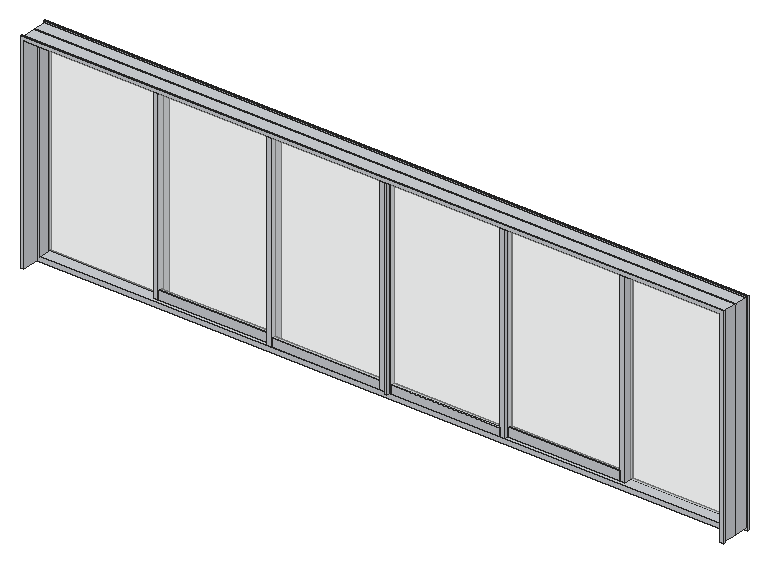
Revit family "APL Residential Thermal Heart Sliding Door FSSSSF", category Doors, host Wall, Revit 2017 (continued)
Definition of nested family "APL Residential Thermal Heart Sliding Door FSSSSF Horizontal Section"
  Definition of nested family "Heavy Duty Interlocker"
    Definition of nested family "65430_Interlocker Mullion"
      Lines and regions (mm)
        model lines, in view "Ref. Level"
          curve 189: arc (-50.2, -10.074, 0) -> (-50.126, -10.175, 0) -> (-50.1, -10.297, 0) r 0.3
          curve 190: arc (-50.294, -14.3, 0) -> (-50.258, -14.472, 0) -> (-50.1, -14.55, 0) r 0.2
          curve 191: arc (-49.579, -14.55, 0) -> (-49.498, -14.539, 0) -> (-49.423, -14.506, 0) r 0.3
          curve 192: arc (-48.169, -13.741, 0) -> (-48.172, -13.571, 0) -> (-48.066, -13.439, 0) r 0.25
          curve 193: arc (-47.98, -13.387, 0) -> (-47.728, -13.382, 0) -> (-47.6, -13.6, 0) r 0.25
          curve 194: arc (-47.6, -15.625, 0) -> (-47.626, -15.722, 0) -> (-47.696, -15.795, 0) r 0.2
          curve 195: arc (-50.261, -17.361, 0) -> (-50.436, -17.543, 0) -> (-50.5, -17.788, 0) r 0.5
          curve 196: arc (-50.5, -23.5, 0) -> (-50.354, -23.854, 0) -> (-50, -24, 0) r 0.5
          curve 197: arc (-45.5, -24, 0) -> (-44.986, -24.091, 0) -> (-44.533, -24.353, 0) r 1.5
          curve 198: arc (-33.2, -24.4, 0) -> (-31.998, -24.898, 0) -> (-31.5, -26.1, 0) r 1.7
          curve 199: line (-24.6, -43, 0) -> (-24.6, -45, 0)
          curve 200: line (-25.1, -45.5, 0) -> (-27.45, -45.5, 0)
          curve 201: line (-27.309, -44.931, 0) -> (-26.544, -43.677, 0)
          curve 202: line (-26.544, -43.677, 0) -> (-26.5, -43, 0)
          curve 203: line (-26.75, -42.806, 0) -> (-27.475, -42.994, 0)
          curve 204: line (-27.475, -42.994, 0) -> (-30.753, -43, 0)
          curve 205: line (-31.5, -43.254, 0) -> (-30.957, -45.321, 0)
          curve 206: line (-30.957, -45.321, 0) -> (-30.648, -45.507, 0)
          curve 207: line (-30.559, -45.841, 0) -> (-30.922, -46.205, 0)
          curve 208: line (-31.108, -46.292, 0) -> (-33.474, -46.499, 0)
          curve 209: line (-33.782, -46.097, 0) -> (-33.268, -44.687, 0)
          curve 210: line (-33, -43.917, 0) -> (-33, -37, 0)
          curve 211: line (-33, -37, 0) -> (-32.6, -36.6, 0)
          curve 212: line (-32.6, -36.6, 0) -> (-33, -36.2, 0)
          curve 213: line (-33, -36.2, 0) -> (-33, -26.1, 0)
          curve 214: line (-33.2, -25.9, 0) -> (-44.5, -25.9, 0)
          curve 215: line (-44.5, -25.9, 0) -> (-44.5, -27, 0)
          curve 216: line (-45.5, -28, 0) -> (-46.25, -28, 0)
          curve 217: line (-46.25, -27, 0) -> (-45.5, -27, 0)
          curve 218: line (-45.5, -27, 0) -> (-45.5, -25.5, 0)
          curve 219: line (-45.5, -25.5, 0) -> (-51, -25.5, 0)
          curve 220: line (-51, -25.5, 0) -> (-51, -27, 0)
          curve 221: line (-51, -27, 0) -> (-50.25, -27, 0)
          curve 222: line (-50.25, -28, 0) -> (-51.8, -28, 0)
          curve 223: line (-52, -27.8, 0) -> (-52, -8.552, 0)
          curve 224: line (-51.5, -8.05, 0) -> (-49.183, -8.05, 0)
          curve 225: line (-48.413, -7.782, 0) -> (-47.003, -7.268, 0)
          curve 226: line (-46.601, -7.576, 0) -> (-46.808, -9.942, 0)
          curve 227: line (-46.895, -10.128, 0) -> (-47.259, -10.491, 0)
          curve 228: line (-47.593, -10.402, 0) -> (-47.638, -10.234, 0)
          curve 229: line (-47.638, -10.234, 0) -> (-49.768, -9.56, 0)
          curve 230: line (-49.768, -9.56, 0) -> (-50, -9.55, 0)
          curve 231: line (-50.1, -10.297, 0) -> (-50.1, -13.525, 0)
          curve 232: line (-50.1, -13.525, 0) -> (-50.294, -14.3, 0)
          curve 233: line (-50.1, -14.55, 0) -> (-49.579, -14.55, 0)
          curve 234: line (-49.579, -14.55, 0) -> (-48.169, -13.741, 0)
          curve 235: line (-47.6, -13.6, 0) -> (-47.6, -15.625, 0)
          curve 236: line (-47.696, -15.795, 0) -> (-50.261, -17.361, 0)
          curve 237: line (-50.5, -17.788, 0) -> (-50.5, -23.5, 0)
          curve 238: line (-50, -24, 0) -> (-45.5, -24, 0)
          curve 239: line (-44.405, -24.4, 0) -> (-33.2, -24.4, 0)
          curve 240: line (-31.5, -26.1, 0) -> (-31.5, -33.014, 0)
          curve 241: arc (-31.5, -33.014, 0) -> (-31.229, -33.459, 0) -> (-30.71, -33.422, 0) r 0.5
          curve 242: arc (-30.71, -33.422, 0) -> (-28.151, -32.711, 0) -> (-25.73, -33.805, 0) r 3.9
          curve 243: arc (-25.73, -33.805, 0) -> (-25.713, -35.078, 0) -> (-26.985, -35.095, 0) r 0.9
          curve 244: arc (-26.985, -35.095, 0) -> (-28.45, -34.5, 0) -> (-29.915, -35.095, 0) r 2.1
          curve 245: arc (-29.915, -35.095, 0) -> (-30.077, -35.22, 0) -> (-30.264, -35.306, 0) r 0.9
          curve 246: arc (-30.264, -35.306, 0) -> (-30.436, -35.403, 0) -> (-30.557, -35.56, 0) r 0.5
          curve 247: arc (-30.557, -35.56, 0) -> (-30.8, -36.6, 0) -> (-30.557, -37.64, 0) r 2.35
          curve 248: arc (-30.557, -37.64, 0) -> (-30.436, -37.797, 0) -> (-30.264, -37.894, 0) r 0.5
          curve 249: arc (-30.264, -37.894, 0) -> (-30.077, -37.98, 0) -> (-29.915, -38.105, 0) r 0.9
          curve 250: arc (-29.915, -38.105, 0) -> (-28.45, -38.7, 0) -> (-26.985, -38.105, 0) r 2.1
          curve 251: arc (-26.985, -38.105, 0) -> (-25.713, -38.122, 0) -> (-25.73, -39.395, 0) r 0.9
          curve 252: arc (-25.73, -39.395, 0) -> (-26.113, -39.722, 0) -> (-26.534, -39.997, 0) r 3.9
          curve 253: arc (-26.534, -39.997, 0) -> (-26.781, -40.521, 0) -> (-26.368, -40.926, 0) r 0.5
          curve 254: arc (-26.368, -40.926, 0) -> (-25.102, -41.638, 0) -> (-24.6, -43, 0) r 2.1
          curve 255: arc (-35.3, -13.65, 0) -> (-35.417, -13.933, 0) -> (-35.7, -14.05, 0) r 0.4
          curve 256: arc (-35.993, -14.05, 0) -> (-36.096, -14.036, 0) -> (-36.193, -13.996, 0) r 0.4
          curve 257: arc (-37.721, -13.111, 0) -> (-38.011, -12.991, 0) -> (-38.322, -12.95, 0) r 1.2
          curve 258: arc (-39.245, -12.95, 0) -> (-39.818, -12.769, 0) -> (-40.184, -12.292, 0) r 1
          curve 259: arc (-40.977, -10.113, 0) -> (-41.124, -9.922, 0) -> (-41.353, -9.85, 0) r 0.4
          curve 260: arc (-44.047, -9.85, 0) -> (-44.276, -9.922, 0) -> (-44.423, -10.113, 0) r 0.4
          curve 261: arc (-45.216, -12.292, 0) -> (-45.582, -12.769, 0) -> (-46.155, -12.95, 0) r 1
          curve 262: arc (-47.078, -12.95, 0) -> (-47.389, -12.991, 0) -> (-47.679, -13.111, 0) r 1.2
          curve 263: arc (-49.207, -13.996, 0) -> (-49.304, -14.036, 0) -> (-49.407, -14.05, 0) r 0.4
          curve 264: arc (-49.7, -14.05, 0) -> (-49.983, -13.933, 0) -> (-50.1, -13.65, 0) r 0.4
          curve 265: arc (-50.1, -10.25, 0) -> (-49.983, -9.967, 0) -> (-49.7, -9.85, 0) r 0.4
          curve 266: arc (-49.407, -9.85, 0) -> (-49.304, -9.864, 0) -> (-49.207, -9.904, 0) r 0.4
          curve 267: arc (-47.679, -10.789, 0) -> (-47.385, -10.91, 0) -> (-47.07, -10.95, 0) r 1.2
          curve 268: arc (-47.07, -10.95, 0) -> (-46.895, -10.897, 0) -> (-46.784, -10.753, 0) r 0.3
          curve 269: arc (-45.896, -8.313, 0) -> (-45.749, -8.122, 0) -> (-45.52, -8.05, 0) r 0.4
          curve 270: arc (-39.88, -8.05, 0) -> (-39.651, -8.122, 0) -> (-39.504, -8.313, 0) r 0.4
          curve 271: arc (-38.616, -10.753, 0) -> (-38.505, -10.897, 0) -> (-38.33, -10.95, 0) r 0.3
          curve 272: arc (-38.33, -10.95, 0) -> (-38.015, -10.91, 0) -> (-37.721, -10.789, 0) r 1.2
          curve 273: arc (-36.193, -9.904, 0) -> (-36.096, -9.864, 0) -> (-35.993, -9.85, 0) r 0.4
          curve 274: arc (-35.7, -9.85, 0) -> (-35.417, -9.967, 0) -> (-35.3, -10.25, 0) r 0.4
          curve 275: line (-35.7, -14.05, 0) -> (-35.993, -14.05, 0)
          curve 276: line (-36.193, -13.996, 0) -> (-37.721, -13.111, 0)
          curve 277: line (-38.322, -12.95, 0) -> (-39.245, -12.95, 0)
          curve 278: line (-40.184, -12.292, 0) -> (-40.977, -10.113, 0)
          curve 279: line (-41.353, -9.85, 0) -> (-44.047, -9.85, 0)
          curve 280: line (-44.423, -10.113, 0) -> (-45.216, -12.292, 0)
          curve 281: line (-46.155, -12.95, 0) -> (-47.078, -12.95, 0)
          curve 282: line (-47.679, -13.111, 0) -> (-49.207, -13.996, 0)
          curve 283: line (-49.407, -14.05, 0) -> (-49.7, -14.05, 0)
          curve 284: line (-50.1, -13.65, 0) -> (-50.1, -10.25, 0)
          curve 285: line (-49.7, -9.85, 0) -> (-49.407, -9.85, 0)
          curve 286: line (-49.207, -9.904, 0) -> (-47.679, -10.789, 0)
          curve 287: line (-46.784, -10.753, 0) -> (-45.896, -8.313, 0)
          curve 288: line (-45.52, -8.05, 0) -> (-39.88, -8.05, 0)
          curve 289: line (-39.504, -8.313, 0) -> (-38.616, -10.753, 0)
          curve 290: line (-37.721, -10.789, 0) -> (-36.193, -9.904, 0)
          curve 291: line (-35.993, -9.85, 0) -> (-35.7, -9.85, 0)
          curve 292: line (-35.3, -10.25, 0) -> (-35.3, -13.65, 0)
          curve 293: arc (-27.4, -43, 0) -> (-27.117, -43.117, 0) -> (-27, -43.4, 0) r 0.4
          curve 294: arc (-27, -43.693, 0) -> (-27.014, -43.796, 0) -> (-27.054, -43.893, 0) r 0.4
          curve 295: arc (-27.939, -45.421, 0) -> (-28.059, -45.711, 0) -> (-28.1, -46.022, 0) r 1.2
          curve 296: arc (-28.1, -46.945, 0) -> (-28.281, -47.518, 0) -> (-28.758, -47.884, 0) r 1
          curve 297: arc (-30.937, -48.677, 0) -> (-31.128, -48.824, 0) -> (-31.2, -49.053, 0) r 0.4
          curve 298: arc (-31.2, -51.747, 0) -> (-31.128, -51.976, 0) -> (-30.937, -52.123, 0) r 0.4
          curve 299: arc (-28.758, -52.916, 0) -> (-28.281, -53.282, 0) -> (-28.1, -53.855, 0) r 1
          curve 300: arc (-28.1, -54.778, 0) -> (-28.059, -55.089, 0) -> (-27.939, -55.379, 0) r 1.2
          curve 301: arc (-27.054, -56.907, 0) -> (-27.014, -57.004, 0) -> (-27, -57.107, 0) r 0.4
          curve 302: arc (-27, -57.4, 0) -> (-27.117, -57.683, 0) -> (-27.4, -57.8, 0) r 0.4
          curve 303: arc (-30.8, -57.8, 0) -> (-31.083, -57.683, 0) -> (-31.2, -57.4, 0) r 0.4
          curve 304: arc (-31.2, -57.107, 0) -> (-31.186, -57.004, 0) -> (-31.146, -56.907, 0) r 0.4
          curve 305: arc (-30.261, -55.379, 0) -> (-30.14, -55.085, 0) -> (-30.1, -54.77, 0) r 1.2
          curve 306: arc (-30.1, -54.77, 0) -> (-30.153, -54.595, 0) -> (-30.297, -54.484, 0) r 0.3
          curve 307: arc (-32.737, -53.596, 0) -> (-32.928, -53.449, 0) -> (-33, -53.22, 0) r 0.4
          curve 308: arc (-33, -47.58, 0) -> (-32.928, -47.351, 0) -> (-32.737, -47.204, 0) r 0.4
          curve 309: arc (-30.297, -46.316, 0) -> (-30.153, -46.205, 0) -> (-30.1, -46.03, 0) r 0.3
          curve 310: arc (-30.1, -46.03, 0) -> (-30.14, -45.715, 0) -> (-30.261, -45.421, 0) r 1.2
          curve 311: arc (-31.146, -43.893, 0) -> (-31.186, -43.796, 0) -> (-31.2, -43.693, 0) r 0.4
          curve 312: arc (-31.2, -43.4, 0) -> (-31.083, -43.117, 0) -> (-30.8, -43, 0) r 0.4
          curve 313: line (-27, -43.4, 0) -> (-27, -43.693, 0)
          curve 314: line (-27.054, -43.893, 0) -> (-27.939, -45.421, 0)
          curve 315: line (-28.1, -46.022, 0) -> (-28.1, -46.945, 0)
          curve 316: line (-28.758, -47.884, 0) -> (-30.937, -48.677, 0)
          curve 317: line (-31.2, -49.053, 0) -> (-31.2, -51.747, 0)
          curve 318: line (-30.937, -52.123, 0) -> (-28.758, -52.916, 0)
          curve 319: line (-28.1, -53.855, 0) -> (-28.1, -54.778, 0)
          curve 320: line (-27.939, -55.379, 0) -> (-27.054, -56.907, 0)
          curve 321: line (-27, -57.107, 0) -> (-27, -57.4, 0)
          curve 322: line (-27.4, -57.8, 0) -> (-30.8, -57.8, 0)
          curve 323: line (-31.2, -57.4, 0) -> (-31.2, -57.107, 0)
          curve 324: line (-31.146, -56.907, 0) -> (-30.261, -55.379, 0)
          curve 325: line (-30.297, -54.484, 0) -> (-32.737, -53.596, 0)
          curve 326: line (-33, -53.22, 0) -> (-33, -47.58, 0)
          curve 327: line (-32.737, -47.204, 0) -> (-30.297, -46.316, 0)
          curve 328: line (-30.261, -45.421, 0) -> (-31.146, -43.893, 0)
          curve 329: line (-31.2, -43.693, 0) -> (-31.2, -43.4, 0)
          curve 330: line (-30.8, -43, 0) -> (-27.4, -43, 0)
      Text (mm)
        text "65430" at (-85.448, -9.707, 0), in view "Ref. Level"
  Definition of nested family "Reverse Interlocker"
    Reference planes
      plane 1 "Center (Front/Back)": y = 0
      plane 2: z = 0
      plane 3 "Center (Left/Right)": x = 0
    Lines and regions (mm)
      detail lines, in view "Ref. Level", not visible
        curve 1: arc (33.161, -9.933, 0) -> (32.851, -9.793, 0) -> (32.689, -10.092, 0) r 0.25
        curve 2: arc (32.715, -19.98, 0) -> (32.877, -20.279, 0) -> (33.188, -20.139, 0) r 0.25
        curve 3: line (32.689, -10.092, 0) -> (33.683, -13.959, 0)
        curve 4: line (33.683, -13.959, 0) -> (32.679, -14.539, 0)
        curve 5: line (32.679, -14.539, 0) -> (32.679, -15.539, 0)
        curve 6: line (32.679, -15.539, 0) -> (33.705, -16.131, 0)
        curve 7: line (33.705, -16.131, 0) -> (32.715, -19.98, 0)
        curve 8: line (33.188, -20.139, 0) -> (34.912, -16.039, 0)
        curve 9: line (34.912, -16.039, 0) -> (36.179, -16.039, 0)
        curve 10: line (36.179, -16.039, 0) -> (36.179, -17.289, 0)
        curve 11: line (36.179, -17.289, 0) -> (37.179, -17.289, 0)
        curve 12: line (37.179, -17.289, 0) -> (37.179, -12.789, 0)
        curve 13: line (37.179, -12.789, 0) -> (36.179, -12.789, 0)
        curve 14: line (36.179, -12.789, 0) -> (36.179, -14.039, 0)
        curve 15: line (36.179, -14.039, 0) -> (34.887, -14.039, 0)
        curve 16: line (34.887, -14.039, 0) -> (33.161, -9.933, 0)
    Nested families
      nested 1: "65500_Interlocker Stile" at (-26.59, -6.05, 0) x (-1, 0, 0) z (0, 0, 1), type "65500_Interlocker Stile", in view "Ref. Level"
      nested 2: "65510_Reverse Interlocker Stile" at (25.41, 0, 0) x (-1, 0, 0) z (0, 0, 1), type "65510_Reverse Interlocker Stile", in view "Ref. Level"
    Definition of nested family "65500_Interlocker Stile"
      Reference planes
        plane 1 "Center (Front/Back)": y = 0
        plane 2: z = 0
        plane 3 "Center (Left/Right)": x = 0
      Lines and regions (mm)
        model lines, in view "Ref. Level"
          curve 1: arc (-13.564, 1.218, 0) -> (-13.278, 1.262, 0) -> (-13.162, 1.526, 0) r 0.3
          curve 2: arc (-13.369, 3.892, 0) -> (-13.396, 3.992, 0) -> (-13.456, 4.078, 0) r 0.3
          curve 3: arc (-13.819, 4.441, 0) -> (-14.013, 4.493, 0) -> (-14.154, 4.352, 0) r 0.2
          curve 4: arc (-14.199, 4.184, 0) -> (-14.251, 4.095, 0) -> (-14.34, 4.043, 0) r 0.2
          curve 5: arc (-16.561, 3.5, 0) -> (-16.841, 3.693, 0) -> (-16.761, 4.024, 0) r 0.3
          curve 6: arc (-16.761, 4.024, 0) -> (-16.687, 4.125, 0) -> (-16.661, 4.247, 0) r 0.3
          curve 7: arc (-16.855, 8.25, 0) -> (-16.819, 8.422, 0) -> (-16.661, 8.5, 0) r 0.2
          curve 8: arc (-16.14, 8.5, 0) -> (-16.059, 8.489, 0) -> (-15.983, 8.456, 0) r 0.3
          curve 9: arc (-14.73, 7.691, 0) -> (-14.733, 7.521, 0) -> (-14.627, 7.389, 0) r 0.25
          curve 10: arc (-14.541, 7.337, 0) -> (-14.289, 7.332, 0) -> (-14.161, 7.549, 0) r 0.25
          curve 11: arc (-14.161, 7.8, 0) -> (-14.102, 7.941, 0) -> (-13.961, 8, 0) r 0.2
          curve 12: arc (-13.688, 8, 0) -> (-13.573, 8.036, 0) -> (-13.5, 8.132, 0) r 0.2
          curve 13: arc (-13.266, 8.775, 0) -> (-13.244, 8.859, 0) -> (-13.236, 8.946, 0) r 0.5
          curve 14: arc (-13.236, 9.9, 0) -> (-13.382, 10.254, 0) -> (-13.736, 10.4, 0) r 0.5
          curve 15: arc (-24.052, 10.4, 0) -> (-24.41, 10.544, 0) -> (-24.559, 10.9, 0) r 0.5
          curve 16: arc (-24.559, 14.446, 0) -> (-24.704, 14.802, 0) -> (-25.059, 14.95, 0) r 0.5
          curve 17: arc (-27.408, 14.95, 0) -> (-27.627, 14.823, 0) -> (-27.622, 14.57, 0) r 0.25
          curve 18: arc (-27.57, 14.484, 0) -> (-27.437, 14.378, 0) -> (-27.268, 14.381, 0) r 0.25
          curve 19: arc (-26.503, 13.127, 0) -> (-26.47, 13.052, 0) -> (-26.459, 12.971, 0) r 0.3
          curve 20: arc (-26.459, 12.45, 0) -> (-26.536, 12.292, 0) -> (-26.709, 12.256, 0) r 0.2
          curve 21: arc (-30.711, 12.45, 0) -> (-30.834, 12.424, 0) -> (-30.935, 12.35, 0) r 0.3
          curve 22: arc (-30.935, 12.35, 0) -> (-31.266, 12.27, 0) -> (-31.459, 12.55, 0) r 0.3
          curve 23: arc (-30.916, 14.771, 0) -> (-30.864, 14.86, 0) -> (-30.774, 14.912, 0) r 0.2
          curve 24: arc (-30.607, 14.957, 0) -> (-30.465, 15.098, 0) -> (-30.517, 15.291, 0) r 0.2
          curve 25: arc (-30.881, 15.655, 0) -> (-30.966, 15.715, 0) -> (-31.067, 15.742, 0) r 0.3
          curve 26: arc (-33.432, 15.949, 0) -> (-33.697, 15.833, 0) -> (-33.741, 15.547, 0) r 0.3
          curve 27: arc (-33.227, 14.137, 0) -> (-33.14, 14.011, 0) -> (-33.002, 13.945, 0) r 0.3
          curve 28: arc (-33.002, 13.945, 0) -> (-32.759, 13.672, 0) -> (-32.959, 13.367, 0) r 0.3
          curve 29: arc (-32.959, 12.624, 0) -> (-33.017, 12.482, 0) -> (-33.159, 12.424, 0) r 0.2
          curve 30: arc (-35.159, 12.424, 0) -> (-35.512, 12.277, 0) -> (-35.659, 11.924, 0) r 0.5
          curve 31: arc (-35.659, 10.05, 0) -> (-35.717, 9.908, 0) -> (-35.859, 9.85, 0) r 0.2
          curve 32: arc (-45.581, 9.85, 0) -> (-45.935, 9.996, 0) -> (-46.081, 10.349, 0) r 0.499
          curve 33: arc (-46.081, 10.75, 0) -> (-45.935, 11.104, 0) -> (-45.581, 11.25, 0) r 0.5
          curve 34: arc (-44.831, 11.25, 0) -> (-44.69, 11.309, 0) -> (-44.631, 11.45, 0) r 0.2
          curve 35: arc (-44.631, 12.05, 0) -> (-44.69, 12.191, 0) -> (-44.831, 12.25, 0) r 0.2
          curve 36: arc (-47.931, 12.25, 0) -> (-48.072, 12.191, 0) -> (-48.131, 12.05, 0) r 0.2
          curve 37: arc (-48.131, 11.45, 0) -> (-48.072, 11.309, 0) -> (-47.931, 11.25, 0) r 0.2
          curve 38: arc (-47.581, 11.25, 0) -> (-47.44, 11.191, 0) -> (-47.381, 11.05, 0) r 0.2
          curve 39: arc (-47.381, 10.45, 0) -> (-47.44, 10.309, 0) -> (-47.581, 10.25, 0) r 0.2
          curve 40: arc (-47.931, 10.25, 0) -> (-48.072, 10.191, 0) -> (-48.131, 10.05, 0) r 0.2
          curve 41: arc (-48.131, 9.749, 0) -> (-48.277, 9.395, 0) -> (-48.631, 9.249, 0) r 0.5
          curve 42: arc (-49.631, 9.249, 0) -> (-49.985, 9.395, 0) -> (-50.131, 9.749, 0) r 0.5
          curve 43: arc (-50.131, 10.05, 0) -> (-50.19, 10.191, 0) -> (-50.331, 10.25, 0) r 0.2
          curve 44: arc (-50.681, 10.25, 0) -> (-50.822, 10.309, 0) -> (-50.881, 10.45, 0) r 0.2
          curve 45: arc (-50.881, 11.05, 0) -> (-50.822, 11.191, 0) -> (-50.681, 11.25, 0) r 0.2
          curve 46: arc (-50.331, 11.25, 0) -> (-50.19, 11.309, 0) -> (-50.131, 11.45, 0) r 0.2
          curve 47: arc (-50.131, 12.05, 0) -> (-50.19, 12.191, 0) -> (-50.331, 12.25, 0) r 0.2
          curve 48: arc (-51.761, 12.25, 0) -> (-51.902, 12.191, 0) -> (-51.961, 12.05, 0) r 0.2
          curve 49: arc (-52.336, 8.799, 0) -> (-52.711, 8.424, 0) -> (-52.336, 8.049, 0) r 0.375
          curve 50: arc (-33.059, 8.05, 0) -> (-32.559, 8.55, 0) -> (-33.059, 9.05, 0) r 0.5
          curve 51: arc (-33.959, 9.05, 0) -> (-34.1, 9.109, 0) -> (-34.159, 9.25, 0) r 0.2
          curve 52: arc (-34.159, 10.35, 0) -> (-34.1, 10.491, 0) -> (-33.959, 10.55, 0) r 0.2
          curve 53: arc (-26.659, 10.55, 0) -> (-26.517, 10.491, 0) -> (-26.459, 10.35, 0) r 0.2
          curve 54: arc (-26.459, 9.25, 0) -> (-26.517, 9.109, 0) -> (-26.659, 9.05, 0) r 0.2
          curve 55: arc (-27.559, 9.05, 0) -> (-28.059, 8.55, 0) -> (-27.559, 8.05, 0) r 0.5
          curve 56: arc (-19.061, 8.05, 0) -> (-18.707, 7.904, 0) -> (-18.561, 7.55, 0) r 0.5
          curve 57: arc (-18.561, 2.6, 0) -> (-18.854, 1.893, 0) -> (-19.561, 1.6, 0) r 1
          curve 58: arc (-28.809, 1.6, 0) -> (-29.609, 0.8, 0) -> (-28.809, 0, 0) r 0.8
          curve 59: arc (-17.661, 0, 0) -> (-16.954, 0.293, 0) -> (-16.661, 1, 0) r 1
          curve 60: arc (-16.661, 1.8, 0) -> (-16.602, 1.941, 0) -> (-16.461, 2, 0) r 0.2
          curve 61: arc (-15.744, 2, 0) -> (-15.438, 2.199, 0) -> (-15.166, 1.957, 0) r 0.3
          curve 62: arc (-15.166, 1.957, 0) -> (-15.1, 1.819, 0) -> (-14.974, 1.732, 0) r 0.3
          curve 63: line (-13.162, 1.526, 0) -> (-13.369, 3.892, 0)
          curve 64: line (-13.456, 4.078, 0) -> (-13.819, 4.441, 0)
          curve 65: line (-14.154, 4.352, 0) -> (-14.199, 4.184, 0)
          curve 66: line (-14.199, 4.184, 0) -> (-16.329, 3.51, 0)
          curve 67: line (-16.329, 3.51, 0) -> (-16.561, 3.5, 0)
          curve 68: line (-16.661, 4.247, 0) -> (-16.661, 7.475, 0)
          curve 69: line (-16.661, 7.475, 0) -> (-16.855, 8.25, 0)
          curve 70: line (-16.661, 8.5, 0) -> (-16.14, 8.5, 0)
          curve 71: line (-16.14, 8.5, 0) -> (-14.73, 7.691, 0)
          curve 72: line (-14.161, 7.549, 0) -> (-14.161, 7.8, 0)
          curve 73: line (-13.961, 8, 0) -> (-13.688, 8, 0)
          curve 74: line (-13.5, 8.132, 0) -> (-13.266, 8.775, 0)
          curve 75: line (-13.236, 8.946, 0) -> (-13.236, 9.9, 0)
          curve 76: line (-13.736, 10.4, 0) -> (-24.052, 10.4, 0)
          curve 77: line (-24.559, 10.9, 0) -> (-24.559, 14.446, 0)
          curve 78: line (-25.059, 14.95, 0) -> (-27.408, 14.95, 0)
          curve 79: line (-27.268, 14.381, 0) -> (-26.503, 13.127, 0)
          curve 80: line (-26.503, 13.127, 0) -> (-26.459, 12.45, 0)
          curve 81: line (-26.709, 12.256, 0) -> (-27.459, 12.45, 0)
          curve 82: line (-27.434, 12.444, 0) -> (-30.711, 12.45, 0)
          curve 83: line (-31.459, 12.704, 0) -> (-30.916, 14.771, 0)
          curve 84: line (-30.916, 14.771, 0) -> (-30.607, 14.957, 0)
          curve 85: line (-30.517, 15.291, 0) -> (-30.881, 15.655, 0)
          curve 86: line (-31.067, 15.742, 0) -> (-33.432, 15.949, 0)
          curve 87: line (-33.741, 15.547, 0) -> (-33.227, 14.137, 0)
          curve 88: line (-32.959, 13.367, 0) -> (-32.959, 12.624, 0)
          curve 89: line (-33.159, 12.424, 0) -> (-35.159, 12.424, 0)
          curve 90: line (-35.659, 11.924, 0) -> (-35.659, 10.05, 0)
          curve 91: line (-35.859, 9.85, 0) -> (-45.581, 9.85, 0)
          curve 92: line (-46.081, 10.349, 0) -> (-46.081, 10.75, 0)
          curve 93: line (-45.581, 11.25, 0) -> (-44.831, 11.25, 0)
          curve 94: line (-44.631, 11.45, 0) -> (-44.631, 12.05, 0)
          curve 95: line (-44.831, 12.25, 0) -> (-47.931, 12.25, 0)
          curve 96: line (-48.131, 12.05, 0) -> (-48.131, 11.45, 0)
          curve 97: line (-47.931, 11.25, 0) -> (-47.581, 11.25, 0)
          curve 98: line (-47.381, 11.05, 0) -> (-47.381, 10.45, 0)
          curve 99: line (-47.581, 10.25, 0) -> (-47.931, 10.25, 0)
          curve 100: line (-48.131, 10.05, 0) -> (-48.131, 9.749, 0)
          curve 101: line (-48.631, 9.249, 0) -> (-49.631, 9.249, 0)
          curve 102: line (-50.131, 9.749, 0) -> (-50.131, 10.05, 0)
          curve 103: line (-50.331, 10.25, 0) -> (-50.681, 10.25, 0)
          curve 104: line (-50.881, 10.45, 0) -> (-50.881, 11.05, 0)
          curve 105: line (-50.681, 11.25, 0) -> (-50.331, 11.25, 0)
          curve 106: line (-50.131, 11.45, 0) -> (-50.131, 12.05, 0)
          curve 107: line (-50.331, 12.25, 0) -> (-51.761, 12.25, 0)
          curve 108: line (-51.961, 12.05, 0) -> (-51.961, 8.799, 0)
          curve 109: line (-51.961, 8.799, 0) -> (-52.336, 8.799, 0)
          curve 110: line (-52.336, 8.049, 0) -> (-33.059, 8.049, 0)
          curve 111: line (-33.059, 9.05, 0) -> (-33.959, 9.05, 0)
          curve 112: line (-34.159, 9.25, 0) -> (-34.159, 10.35, 0)
          curve 113: line (-33.959, 10.55, 0) -> (-26.659, 10.55, 0)
          curve 114: line (-26.459, 10.35, 0) -> (-26.459, 9.25, 0)
          curve 115: line (-26.659, 9.05, 0) -> (-27.559, 9.05, 0)
          curve 116: line (-27.559, 8.05, 0) -> (-19.061, 8.05, 0)
          curve 117: line (-18.561, 7.55, 0) -> (-18.561, 2.6, 0)
          curve 118: line (-19.561, 1.6, 0) -> (-28.809, 1.6, 0)
          curve 119: line (-28.809, 0, 0) -> (-17.661, 0, 0)
          curve 120: line (-16.661, 1, 0) -> (-16.661, 1.8, 0)
          curve 121: line (-16.461, 2, 0) -> (-15.744, 2, 0)
          curve 122: line (-14.974, 1.732, 0) -> (-13.564, 1.218, 0)
          curve 123: arc (-31.398, 41.7, 0) -> (-31.251, 42.054, 0) -> (-30.898, 42.2, 0) r 0.5
          curve 124: arc (-2.1, 42.2, 0) -> (-1.746, 42.054, 0) -> (-1.6, 41.7, 0) r 0.5
          curve 125: arc (-1.6, 10.9, 0) -> (-1.746, 10.546, 0) -> (-2.1, 10.4, 0) r 0.5
          curve 126: arc (-4.86, 10.4, 0) -> (-5.213, 10.254, 0) -> (-5.36, 9.9, 0) r 0.5
          curve 127: arc (-5.36, 9.042, 0) -> (-5.352, 8.955, 0) -> (-5.33, 8.871, 0) r 0.5
          curve 128: arc (-5.061, 8.132, 0) -> (-4.987, 8.036, 0) -> (-4.873, 8, 0) r 0.2
          curve 129: arc (-4.6, 8, 0) -> (-4.459, 7.941, 0) -> (-4.4, 7.8, 0) r 0.2
          curve 130: arc (-4.4, 7.55, 0) -> (-4.272, 7.332, 0) -> (-4.02, 7.337, 0) r 0.25
          curve 131: arc (-3.934, 7.389, 0) -> (-3.828, 7.521, 0) -> (-3.831, 7.691, 0) r 0.25
          curve 132: arc (-2.577, 8.456, 0) -> (-2.502, 8.489, 0) -> (-2.421, 8.5, 0) r 0.3
          curve 133: arc (-1.9, 8.5, 0) -> (-1.742, 8.422, 0) -> (-1.706, 8.25, 0) r 0.2
          curve 134: arc (-1.9, 4.247, 0) -> (-1.874, 4.125, 0) -> (-1.8, 4.024, 0) r 0.3
          curve 135: arc (-1.8, 4.024, 0) -> (-1.72, 3.693, 0) -> (-2, 3.5, 0) r 0.3
          curve 136: arc (-4.221, 4.043, 0) -> (-4.31, 4.095, 0) -> (-4.362, 4.184, 0) r 0.2
          curve 137: arc (-4.407, 4.352, 0) -> (-4.548, 4.493, 0) -> (-4.741, 4.441, 0) r 0.2
          curve 138: arc (-5.105, 4.078, 0) -> (-5.165, 3.992, 0) -> (-5.192, 3.892, 0) r 0.3
          curve 139: arc (-5.399, 1.526, 0) -> (-5.283, 1.262, 0) -> (-4.997, 1.218, 0) r 0.3
          curve 140: arc (-3.587, 1.732, 0) -> (-3.461, 1.819, 0) -> (-3.395, 1.957, 0) r 0.3
          curve 141: arc (-3.395, 1.957, 0) -> (-3.122, 2.199, 0) -> (-2.817, 2, 0) r 0.3
          curve 142: arc (-2.1, 2, 0) -> (-1.959, 1.941, 0) -> (-1.9, 1.8, 0) r 0.2
          curve 143: arc (-1.9, 1, 0) -> (-1.607, 0.293, 0) -> (-0.9, 0, 0) r 1
          curve 144: arc (-0.5, 0, 0) -> (-0.146, 0.146, 0) -> (0, 0.5, 0) r 0.5
          curve 145: arc (0, 43, 0) -> (-0.293, 43.707, 0) -> (-1, 44, 0) r 1
          curve 146: arc (-52.375, 44, 0) -> (-52.75, 43.625, 0) -> (-52.375, 43.25, 0) r 0.375
          curve 147: arc (-52, 42.15, 0) -> (-51.941, 42.009, 0) -> (-51.8, 41.95, 0) r 0.2
          curve 148: arc (-50.962, 40.688, 0) -> (-50.917, 40.558, 0) -> (-50.797, 40.488, 0) r 0.2
          curve 149: arc (-48.613, 40.25, 0) -> (-48.454, 40.328, 0) -> (-48.42, 40.502, 0) r 0.2
          curve 150: arc (-48.808, 41.948, 0) -> (-48.773, 42.122, 0) -> (-48.615, 42.2, 0) r 0.2
          curve 151: arc (-33.498, 42.2, 0) -> (-33.144, 42.054, 0) -> (-32.998, 41.7, 0) r 0.5
          curve 152: arc (-32.998, 35.05, 0) -> (-32.939, 34.909, 0) -> (-32.798, 34.85, 0) r 0.2
          curve 153: arc (-26.398, 34.85, 0) -> (-26.256, 34.792, 0) -> (-26.198, 34.65, 0) r 0.2
          curve 154: arc (-26.198, 29.353, 0) -> (-26.255, 29.21, 0) -> (-26.398, 29.15, 0) r 0.2
          curve 155: arc (-32.798, 29.15, 0) -> (-32.939, 29.091, 0) -> (-32.998, 28.95, 0) r 0.2
          curve 156: arc (-32.998, 26.333, 0) -> (-32.799, 26.028, 0) -> (-33.041, 25.755, 0) r 0.3
          curve 157: arc (-33.041, 25.755, 0) -> (-33.179, 25.689, 0) -> (-33.266, 25.563, 0) r 0.3
          curve 158: arc (-33.78, 24.153, 0) -> (-33.736, 23.867, 0) -> (-33.472, 23.751, 0) r 0.3
          curve 159: arc (-31.106, 23.958, 0) -> (-31.005, 23.985, 0) -> (-30.92, 24.045, 0) r 0.3
          curve 160: arc (-30.556, 24.409, 0) -> (-30.505, 24.602, 0) -> (-30.646, 24.743, 0) r 0.2
          curve 161: arc (-30.813, 24.788, 0) -> (-30.903, 24.84, 0) -> (-30.955, 24.929, 0) r 0.2
          curve 162: arc (-31.498, 27.15, 0) -> (-31.305, 27.43, 0) -> (-30.974, 27.35, 0) r 0.3
          curve 163: arc (-30.974, 27.35, 0) -> (-30.873, 27.276, 0) -> (-30.75, 27.25, 0) r 0.3
          curve 164: arc (-26.748, 27.444, 0) -> (-26.575, 27.408, 0) -> (-26.498, 27.25, 0) r 0.2
          curve 165: arc (-26.498, 26.729, 0) -> (-26.509, 26.648, 0) -> (-26.542, 26.573, 0) r 0.3
          curve 166: arc (-27.307, 25.319, 0) -> (-27.477, 25.322, 0) -> (-27.609, 25.216, 0) r 0.25
          curve 167: arc (-27.661, 25.13, 0) -> (-27.666, 24.878, 0) -> (-27.448, 24.75, 0) r 0.25
          curve 168: arc (-25.098, 24.75, 0) -> (-24.744, 24.896, 0) -> (-24.598, 25.25, 0) r 0.5
          curve 169: arc (-24.598, 36.25, 0) -> (-24.656, 36.391, 0) -> (-24.798, 36.45, 0) r 0.2
          curve 170: line (-31.398, 36.65, 0) -> (-31.398, 41.7, 0)
          curve 171: line (-30.898, 42.2, 0) -> (-2.1, 42.2, 0)
          curve 172: line (-1.6, 41.7, 0) -> (-1.6, 10.9, 0)
          curve 173: line (-2.1, 10.4, 0) -> (-4.86, 10.4, 0)
          curve 174: line (-5.36, 9.9, 0) -> (-5.36, 9.042, 0)
          curve 175: line (-5.33, 8.871, 0) -> (-5.061, 8.132, 0)
          curve 176: line (-4.873, 8, 0) -> (-4.6, 8, 0)
          curve 177: line (-4.4, 7.8, 0) -> (-4.4, 7.55, 0)
          curve 178: line (-3.831, 7.691, 0) -> (-2.577, 8.456, 0)
          curve 179: line (-2.577, 8.456, 0) -> (-1.9, 8.5, 0)
          curve 180: line (-1.706, 8.25, 0) -> (-1.894, 7.525, 0)
          curve 181: line (-1.894, 7.525, 0) -> (-1.9, 4.247, 0)
          curve 182: line (-2.154, 3.5, 0) -> (-4.221, 4.043, 0)
          curve 183: line (-4.221, 4.043, 0) -> (-4.407, 4.352, 0)
          curve 184: line (-4.741, 4.441, 0) -> (-5.105, 4.078, 0)
          curve 185: line (-5.192, 3.892, 0) -> (-5.399, 1.526, 0)
          curve 186: line (-4.997, 1.218, 0) -> (-3.587, 1.732, 0)
          curve 187: line (-2.817, 2, 0) -> (-2.1, 2, 0)
          curve 188: line (-1.9, 1.8, 0) -> (-1.9, 1, 0)
          curve 189: line (-0.9, 0, 0) -> (-0.5, 0, 0)
          curve 190: line (0, 0.5, 0) -> (0, 43, 0)
          curve 191: line (-1, 44, 0) -> (-52.375, 44, 0)
          curve 192: line (-52.375, 43.25, 0) -> (-52, 43.25, 0)
          curve 193: line (-52, 43.25, 0) -> (-52, 42.15, 0)
          curve 194: line (-51.8, 41.95, 0) -> (-50.962, 41.95, 0)
          curve 195: line (-50.962, 41.95, 0) -> (-50.962, 40.688, 0)
          curve 196: line (-50.797, 40.488, 0) -> (-49.444, 40.25, 0)
          curve 197: line (-49.444, 40.25, 0) -> (-48.613, 40.25, 0)
          curve 198: line (-48.42, 40.502, 0) -> (-48.808, 41.948, 0)
          curve 199: line (-48.615, 42.2, 0) -> (-33.498, 42.2, 0)
          curve 200: line (-32.998, 41.7, 0) -> (-32.998, 35.05, 0)
          curve 201: line (-32.798, 34.85, 0) -> (-26.398, 34.85, 0)
          curve 202: line (-26.198, 34.65, 0) -> (-26.198, 29.353, 0)
          curve 203: line (-26.398, 29.15, 0) -> (-32.798, 29.15, 0)
          curve 204: line (-32.998, 28.95, 0) -> (-32.998, 26.333, 0)
          curve 205: line (-33.266, 25.563, 0) -> (-33.78, 24.153, 0)
          curve 206: line (-33.472, 23.751, 0) -> (-31.106, 23.958, 0)
          curve 207: line (-30.92, 24.045, 0) -> (-30.556, 24.409, 0)
          curve 208: line (-30.646, 24.743, 0) -> (-30.813, 24.788, 0)
          curve 209: line (-30.813, 24.788, 0) -> (-31.487, 26.918, 0)
          curve 210: line (-31.487, 26.918, 0) -> (-31.498, 27.15, 0)
          curve 211: line (-30.75, 27.25, 0) -> (-27.523, 27.25, 0)
          curve 212: line (-27.523, 27.25, 0) -> (-26.748, 27.444, 0)
          curve 213: line (-26.498, 27.25, 0) -> (-26.498, 26.729, 0)
          curve 214: line (-26.498, 26.729, 0) -> (-27.307, 25.319, 0)
          curve 215: line (-27.448, 24.75, 0) -> (-25.098, 24.75, 0)
          curve 216: line (-24.598, 25.25, 0) -> (-24.598, 36.25, 0)
          curve 217: line (-24.798, 36.45, 0) -> (-31.197, 36.45, 0)
          curve 218: arc (-31.197, 36.45, 0) -> (-31.339, 36.508, 0) -> (-31.398, 36.65, 0) r 0.2
          curve 219: arc (-27.398, 12.45, 0) -> (-27.115, 12.567, 0) -> (-26.998, 12.85, 0) r 0.4
          curve 220: arc (-26.998, 13.143, 0) -> (-27.011, 13.246, 0) -> (-27.052, 13.343, 0) r 0.4
          curve 221: arc (-27.936, 14.871, 0) -> (-28.057, 15.161, 0) -> (-28.098, 15.472, 0) r 1.2
          curve 222: arc (-28.098, 16.395, 0) -> (-28.279, 16.968, 0) -> (-28.756, 17.334, 0) r 1
          curve 223: arc (-30.935, 18.127, 0) -> (-31.125, 18.274, 0) -> (-31.198, 18.503, 0) r 0.4
          curve 224: arc (-31.198, 21.197, 0) -> (-31.125, 21.426, 0) -> (-30.935, 21.573, 0) r 0.4
          curve 225: arc (-28.756, 22.366, 0) -> (-28.279, 22.732, 0) -> (-28.098, 23.305, 0) r 1
          curve 226: arc (-28.098, 24.228, 0) -> (-28.057, 24.539, 0) -> (-27.936, 24.829, 0) r 1.2
          curve 227: arc (-27.052, 26.357, 0) -> (-27.011, 26.454, 0) -> (-26.998, 26.557, 0) r 0.4
          curve 228: arc (-26.998, 26.85, 0) -> (-27.115, 27.133, 0) -> (-27.398, 27.25, 0) r 0.4
          curve 229: arc (-30.798, 27.25, 0) -> (-31.081, 27.133, 0) -> (-31.198, 26.85, 0) r 0.4
          curve 230: arc (-31.198, 26.557, 0) -> (-31.184, 26.454, 0) -> (-31.144, 26.357, 0) r 0.4
          curve 231: arc (-30.259, 24.829, 0) -> (-30.138, 24.535, 0) -> (-30.098, 24.22, 0) r 1.2
          curve 232: arc (-30.098, 24.22, 0) -> (-30.151, 24.045, 0) -> (-30.295, 23.934, 0) r 0.3
          curve 233: arc (-32.735, 23.046, 0) -> (-32.925, 22.899, 0) -> (-32.998, 22.67, 0) r 0.4
          curve 234: arc (-32.998, 17.03, 0) -> (-32.925, 16.801, 0) -> (-32.735, 16.654, 0) r 0.4
          curve 235: arc (-30.295, 15.766, 0) -> (-30.151, 15.655, 0) -> (-30.098, 15.48, 0) r 0.3
          curve 236: arc (-30.098, 15.48, 0) -> (-30.138, 15.165, 0) -> (-30.259, 14.871, 0) r 1.2
          curve 237: arc (-31.144, 13.343, 0) -> (-31.184, 13.246, 0) -> (-31.198, 13.143, 0) r 0.4
          curve 238: arc (-31.198, 12.85, 0) -> (-31.081, 12.567, 0) -> (-30.798, 12.45, 0) r 0.4
          curve 239: line (-26.998, 12.85, 0) -> (-26.998, 13.143, 0)
          curve 240: line (-27.052, 13.343, 0) -> (-27.936, 14.871, 0)
          curve 241: line (-28.098, 15.472, 0) -> (-28.098, 16.395, 0)
          curve 242: line (-28.756, 17.334, 0) -> (-30.935, 18.127, 0)
          curve 243: line (-31.198, 18.503, 0) -> (-31.198, 21.197, 0)
          curve 244: line (-30.935, 21.573, 0) -> (-28.756, 22.366, 0)
          curve 245: line (-28.098, 23.305, 0) -> (-28.098, 24.228, 0)
          curve 246: line (-27.936, 24.829, 0) -> (-27.052, 26.357, 0)
          curve 247: line (-26.998, 26.557, 0) -> (-26.998, 26.85, 0)
          curve 248: line (-27.398, 27.25, 0) -> (-30.798, 27.25, 0)
          curve 249: line (-31.198, 26.85, 0) -> (-31.198, 26.557, 0)
          curve 250: line (-31.144, 26.357, 0) -> (-30.259, 24.829, 0)
          curve 251: line (-30.295, 23.934, 0) -> (-32.735, 23.046, 0)
          curve 252: line (-32.998, 22.67, 0) -> (-32.998, 17.03, 0)
          curve 253: line (-32.735, 16.654, 0) -> (-30.295, 15.766, 0)
          curve 254: line (-30.259, 14.871, 0) -> (-31.144, 13.343, 0)
          curve 255: line (-31.198, 13.143, 0) -> (-31.198, 12.85, 0)
          curve 256: line (-30.798, 12.45, 0) -> (-27.398, 12.45, 0)
          curve 257: arc (-16.7, 4.122, 0) -> (-16.583, 3.839, 0) -> (-16.3, 3.722, 0) r 0.4
          curve 258: arc (-16.007, 3.722, 0) -> (-15.904, 3.736, 0) -> (-15.807, 3.776, 0) r 0.4
          curve 259: arc (-14.279, 4.66, 0) -> (-13.989, 4.781, 0) -> (-13.678, 4.822, 0) r 1.2
          curve 260: arc (-12.755, 4.822, 0) -> (-12.182, 5.003, 0) -> (-11.816, 5.48, 0) r 1
          curve 261: arc (-11.023, 7.659, 0) -> (-10.876, 7.849, 0) -> (-10.647, 7.922, 0) r 0.4
          curve 262: arc (-7.953, 7.922, 0) -> (-7.724, 7.849, 0) -> (-7.577, 7.659, 0) r 0.4
          curve 263: arc (-6.784, 5.48, 0) -> (-6.418, 5.003, 0) -> (-5.845, 4.822, 0) r 1
          curve 264: arc (-4.922, 4.822, 0) -> (-4.611, 4.781, 0) -> (-4.321, 4.66, 0) r 1.2
          curve 265: arc (-2.793, 3.776, 0) -> (-2.696, 3.736, 0) -> (-2.593, 3.722, 0) r 0.4
          curve 266: arc (-2.3, 3.722, 0) -> (-2.017, 3.839, 0) -> (-1.9, 4.122, 0) r 0.4
          curve 267: arc (-1.9, 7.522, 0) -> (-2.017, 7.805, 0) -> (-2.3, 7.922, 0) r 0.4
          curve 268: arc (-2.593, 7.922, 0) -> (-2.696, 7.908, 0) -> (-2.793, 7.868, 0) r 0.4
          curve 269: arc (-4.321, 6.983, 0) -> (-4.615, 6.862, 0) -> (-4.93, 6.822, 0) r 1.2
          curve 270: arc (-4.93, 6.822, 0) -> (-5.105, 6.875, 0) -> (-5.216, 7.019, 0) r 0.3
          curve 271: arc (-6.104, 9.459, 0) -> (-6.251, 9.649, 0) -> (-6.48, 9.722, 0) r 0.4
          curve 272: arc (-12.12, 9.722, 0) -> (-12.349, 9.649, 0) -> (-12.496, 9.459, 0) r 0.4
          curve 273: arc (-13.384, 7.019, 0) -> (-13.495, 6.875, 0) -> (-13.67, 6.822, 0) r 0.3
          curve 274: arc (-13.67, 6.822, 0) -> (-13.985, 6.862, 0) -> (-14.279, 6.983, 0) r 1.2
          curve 275: arc (-15.807, 7.868, 0) -> (-15.904, 7.908, 0) -> (-16.007, 7.922, 0) r 0.4
          curve 276: arc (-16.3, 7.922, 0) -> (-16.583, 7.805, 0) -> (-16.7, 7.522, 0) r 0.4
          curve 277: line (-16.3, 3.722, 0) -> (-16.007, 3.722, 0)
          curve 278: line (-15.807, 3.776, 0) -> (-14.279, 4.66, 0)
          curve 279: line (-13.678, 4.822, 0) -> (-12.755, 4.822, 0)
          curve 280: line (-11.816, 5.48, 0) -> (-11.023, 7.659, 0)
          curve 281: line (-10.647, 7.922, 0) -> (-7.953, 7.922, 0)
          curve 282: line (-7.577, 7.659, 0) -> (-6.784, 5.48, 0)
          curve 283: line (-5.845, 4.822, 0) -> (-4.922, 4.822, 0)
          curve 284: line (-4.321, 4.66, 0) -> (-2.793, 3.776, 0)
          curve 285: line (-2.593, 3.722, 0) -> (-2.3, 3.722, 0)
          curve 286: line (-1.9, 4.122, 0) -> (-1.9, 7.522, 0)
          curve 287: line (-2.3, 7.922, 0) -> (-2.593, 7.922, 0)
          curve 288: line (-2.793, 7.868, 0) -> (-4.321, 6.983, 0)
          curve 289: line (-5.216, 7.019, 0) -> (-6.104, 9.459, 0)
          curve 290: line (-6.48, 9.722, 0) -> (-12.12, 9.722, 0)
          curve 291: line (-12.496, 9.459, 0) -> (-13.384, 7.019, 0)
          curve 292: line (-14.279, 6.983, 0) -> (-15.807, 7.868, 0)
          curve 293: line (-16.007, 7.922, 0) -> (-16.3, 7.922, 0)
          curve 294: line (-16.7, 7.522, 0) -> (-16.7, 4.122, 0)
      Text (mm)
        text "65500" at (-34.845, 58.95, 0), in view "Ref. Level"
    Definition of nested family "65510_Reverse Interlocker Stile"
      Reference planes
        plane 1 "Center (Front/Back)": y = 0
        plane 2: z = 0
        plane 3 "Center (Left/Right)": x = 0
      Lines and regions (mm)
        model lines, in view "Ref. Level"
          curve 1: arc (1.945, -44.438, 0) -> (2.11, -44.125, 0) -> (2.441, -44, 0) r 0.5
          curve 2: arc (30.752, -44, 0) -> (31.106, -44.146, 0) -> (31.252, -44.5, 0) r 0.5
          curve 3: arc (31.252, -83.299, 0) -> (30.959, -84.006, 0) -> (30.252, -84.299, 0) r 1
          curve 4: arc (2.5, -84.299, 0) -> (1.793, -84.006, 0) -> (1.5, -83.299, 0) r 1
          curve 5: arc (0, -0.45, 0) -> (0.146, -0.096, 0) -> (0.5, 0.05, 0) r 0.5
          curve 6: arc (0.9, 0.05, 0) -> (1.607, -0.243, 0) -> (1.9, -0.95, 0) r 1
          curve 7: arc (1.9, -1.8, 0) -> (1.959, -1.941, 0) -> (2.1, -2, 0) r 0.2
          curve 8: arc (2.817, -2, 0) -> (3.122, -2.199, 0) -> (3.395, -1.957, 0) r 0.3
          curve 9: arc (3.395, -1.957, 0) -> (3.461, -1.819, 0) -> (3.587, -1.732, 0) r 0.3
          curve 10: arc (5.858, -0.905, 0) -> (6.755, -1.323, 0) -> (6.337, -2.221, 0) r 0.7
          curve 11: arc (5.681, -2.459, 0) -> (5.512, -2.614, 0) -> (5.502, -2.844, 0) r 0.3
          curve 12: arc (5.778, -3.603, 0) -> (5.761, -3.846, 0) -> (5.57, -3.997, 0) r 0.3
          curve 13: arc (5.57, -3.997, 0) -> (5.339, -4.046, 0) -> (5.105, -4.078, 0) r 3.208
          curve 14: arc (4.741, -4.441, 0) -> (4.548, -4.493, 0) -> (4.407, -4.352, 0) r 0.2
          curve 15: arc (4.362, -4.184, 0) -> (4.31, -4.095, 0) -> (4.221, -4.043, 0) r 0.2
          curve 16: arc (2, -3.5, 0) -> (1.72, -3.693, 0) -> (1.8, -4.024, 0) r 0.3
          curve 17: arc (1.8, -4.024, 0) -> (1.874, -4.125, 0) -> (1.9, -4.247, 0) r 0.3
          curve 18: arc (1.706, -8.25, 0) -> (1.742, -8.422, 0) -> (1.9, -8.5, 0) r 0.2
          curve 19: arc (2.421, -8.5, 0) -> (2.502, -8.489, 0) -> (2.577, -8.456, 0) r 0.3
          curve 20: arc (3.831, -7.691, 0) -> (3.828, -7.521, 0) -> (3.934, -7.389, 0) r 0.25
          curve 21: arc (4.02, -7.337, 0) -> (4.272, -7.332, 0) -> (4.4, -7.55, 0) r 0.25
          curve 22: arc (4.4, -7.8, 0) -> (4.459, -7.941, 0) -> (4.6, -8, 0) r 0.2
          curve 23: arc (4.873, -8, 0) -> (4.987, -8.036, 0) -> (5.061, -8.132, 0) r 0.2
          curve 24: arc (5.348, -8.92, 0) -> (5.349, -9.055, 0) -> (5.264, -9.159, 0) r 0.2
          curve 25: arc (3.308, -10.354, 0) -> (3.057, -10.463, 0) -> (2.787, -10.5, 0) r 1
          curve 26: arc (1.701, -10.5, 0) -> (1.559, -10.558, 0) -> (1.5, -10.7, 0) r 0.2
          curve 27: arc (1.945, -41.762, 0) -> (2.11, -42.075, 0) -> (2.441, -42.2, 0) r 0.5
          curve 28: arc (25.233, -42.2, 0) -> (25.71, -41.85, 0) -> (25.519, -41.29, 0) r 0.5
          curve 29: arc (25.519, -41.29, 0) -> (24.871, -40.553, 0) -> (24.637, -39.599, 0) r 2.063
          curve 30: arc (24.637, -38.487, 0) -> (24.675, -38.217, 0) -> (24.784, -37.966, 0) r 1
          curve 31: arc (25.021, -37.578, 0) -> (25.385, -37.227, 0) -> (25.874, -37.099, 0) r 1
          curve 32: arc (27.45, -37.099, 0) -> (27.668, -37.226, 0) -> (27.663, -37.479, 0) r 0.25
          curve 33: arc (27.611, -37.565, 0) -> (27.479, -37.671, 0) -> (27.309, -37.668, 0) r 0.25
          curve 34: arc (26.544, -38.922, 0) -> (26.511, -38.997, 0) -> (26.5, -39.078, 0) r 0.3
          curve 35: arc (26.5, -39.599, 0) -> (26.578, -39.757, 0) -> (26.75, -39.793, 0) r 0.2
          curve 36: arc (30.753, -39.599, 0) -> (30.875, -39.625, 0) -> (30.976, -39.699, 0) r 0.3
          curve 37: arc (30.976, -39.699, 0) -> (31.307, -39.779, 0) -> (31.5, -39.499, 0) r 0.3
          curve 38: arc (30.957, -37.278, 0) -> (30.905, -37.189, 0) -> (30.816, -37.137, 0) r 0.2
          curve 39: arc (30.648, -37.092, 0) -> (30.507, -36.951, 0) -> (30.559, -36.758, 0) r 0.2
          curve 40: arc (30.922, -36.394, 0) -> (31.008, -36.334, 0) -> (31.108, -36.307, 0) r 0.3
          curve 41: arc (33.474, -36.1, 0) -> (33.738, -36.216, 0) -> (33.782, -36.502, 0) r 0.3
          curve 42: arc (33.268, -37.912, 0) -> (33.181, -38.038, 0) -> (33.043, -38.104, 0) r 0.3
          curve 43: arc (33.043, -38.104, 0) -> (32.801, -38.377, 0) -> (33, -38.682, 0) r 0.3
          curve 44: arc (33, -41.699, 0) -> (33.146, -42.053, 0) -> (33.5, -42.199, 0) r 0.5
          curve 45: arc (45.599, -42.199, 0) -> (45.967, -42.062, 0) -> (46.122, -41.7, 0) r 0.5
          curve 46: arc (46.122, -41.299, 0) -> (45.976, -40.945, 0) -> (45.622, -40.799, 0) r 0.5
          curve 47: arc (44.872, -40.799, 0) -> (44.731, -40.74, 0) -> (44.672, -40.599, 0) r 0.2
          curve 48: arc (44.672, -39.999, 0) -> (44.731, -39.858, 0) -> (44.872, -39.799, 0) r 0.2
          curve 49: arc (47.972, -39.799, 0) -> (48.114, -39.858, 0) -> (48.172, -39.999, 0) r 0.2
          curve 50: arc (48.172, -40.599, 0) -> (48.114, -40.74, 0) -> (47.972, -40.799, 0) r 0.2
          curve 51: arc (47.622, -40.799, 0) -> (47.481, -40.858, 0) -> (47.422, -40.999, 0) r 0.2
          curve 52: arc (47.422, -41.599, 0) -> (47.481, -41.74, 0) -> (47.622, -41.799, 0) r 0.2
          curve 53: arc (47.972, -41.799, 0) -> (48.114, -41.858, 0) -> (48.172, -41.999, 0) r 0.2
          curve 54: arc (48.172, -42.3, 0) -> (48.319, -42.654, 0) -> (48.672, -42.8, 0) r 0.5
          curve 55: arc (49.672, -42.8, 0) -> (50.026, -42.654, 0) -> (50.172, -42.3, 0) r 0.5
          curve 56: arc (50.172, -41.999, 0) -> (50.231, -41.858, 0) -> (50.372, -41.799, 0) r 0.2
          curve 57: arc (50.722, -41.799, 0) -> (50.864, -41.74, 0) -> (50.922, -41.599, 0) r 0.2
          curve 58: arc (50.922, -40.999, 0) -> (50.864, -40.858, 0) -> (50.722, -40.799, 0) r 0.2
          curve 59: arc (50.372, -40.799, 0) -> (50.231, -40.74, 0) -> (50.172, -40.599, 0) r 0.2
          curve 60: arc (50.172, -39.999, 0) -> (50.231, -39.858, 0) -> (50.372, -39.799, 0) r 0.2
          curve 61: arc (51.802, -39.799, 0) -> (51.944, -39.858, 0) -> (52.002, -39.999, 0) r 0.2
          curve 62: arc (52.377, -43.25, 0) -> (52.752, -43.625, 0) -> (52.377, -44, 0) r 0.375
          curve 63: arc (33.252, -44, 0) -> (32.899, -44.146, 0) -> (32.752, -44.5, 0) r 0.5
          curve 64: arc (32.752, -86.299, 0) -> (32.167, -87.713, 0) -> (30.752, -88.299, 0) r 2
          curve 65: arc (2, -88.299, 0) -> (0.586, -87.713, 0) -> (0, -86.299, 0) r 2
          curve 66: line (1.5, -83.299, 0) -> (1.5, -48, 0)
          curve 67: line (1.5, -48, 0) -> (1.945, -44.438, 0)
          curve 68: line (2.441, -44, 0) -> (30.752, -44, 0)
          curve 69: line (31.252, -44.5, 0) -> (31.252, -83.299, 0)
          curve 70: line (30.252, -84.299, 0) -> (2.5, -84.299, 0)
          curve 71: line (0.5, 0.05, 0) -> (0.9, 0.05, 0)
          curve 72: line (1.9, -0.95, 0) -> (1.9, -1.8, 0)
          curve 73: line (2.1, -2, 0) -> (2.817, -2, 0)
          curve 74: line (3.587, -1.732, 0) -> (5.858, -0.905, 0)
          curve 75: line (6.337, -2.221, 0) -> (5.681, -2.459, 0)
          curve 76: line (5.502, -2.844, 0) -> (5.778, -3.603, 0)
          curve 77: line (5.105, -4.078, 0) -> (4.741, -4.441, 0)
          curve 78: line (4.407, -4.352, 0) -> (4.362, -4.184, 0)
          curve 79: line (4.362, -4.184, 0) -> (2.232, -3.51, 0)
          curve 80: line (2.232, -3.51, 0) -> (2, -3.5, 0)
          curve 81: line (1.9, -4.247, 0) -> (1.9, -7.475, 0)
          curve 82: line (1.9, -7.475, 0) -> (1.706, -8.25, 0)
          curve 83: line (1.9, -8.5, 0) -> (2.421, -8.5, 0)
          curve 84: line (2.421, -8.5, 0) -> (3.831, -7.691, 0)
          curve 85: line (4.4, -7.55, 0) -> (4.4, -7.8, 0)
          curve 86: line (4.6, -8, 0) -> (4.873, -8, 0)
          curve 87: line (5.061, -8.132, 0) -> (5.348, -8.92, 0)
          curve 88: line (5.264, -9.159, 0) -> (3.308, -10.354, 0)
          curve 89: line (2.787, -10.5, 0) -> (1.701, -10.5, 0)
          curve 90: line (1.5, -10.7, 0) -> (1.5, -38.2, 0)
          curve 91: line (1.5, -38.2, 0) -> (1.945, -41.762, 0)
          curve 92: line (2.441, -42.2, 0) -> (25.233, -42.2, 0)
          curve 93: line (24.637, -39.599, 0) -> (24.637, -38.487, 0)
          curve 94: line (24.784, -37.966, 0) -> (25.021, -37.578, 0)
          curve 95: line (25.874, -37.099, 0) -> (27.45, -37.099, 0)
          curve 96: line (27.309, -37.668, 0) -> (26.544, -38.922, 0)
          curve 97: line (26.544, -38.922, 0) -> (26.5, -39.599, 0)
          curve 98: line (26.75, -39.793, 0) -> (27.475, -39.605, 0)
          curve 99: line (27.475, -39.605, 0) -> (30.753, -39.599, 0)
          curve 100: line (31.5, -39.345, 0) -> (30.957, -37.278, 0)
          curve 101: line (30.957, -37.278, 0) -> (30.648, -37.092, 0)
          curve 102: line (30.559, -36.758, 0) -> (30.922, -36.394, 0)
          curve 103: line (31.108, -36.307, 0) -> (33.474, -36.1, 0)
          curve 104: line (33.782, -36.502, 0) -> (33.268, -37.912, 0)
          curve 105: line (33, -38.682, 0) -> (33, -41.699, 0)
          curve 106: line (33.5, -42.199, 0) -> (45.599, -42.199, 0)
          curve 107: line (46.122, -41.7, 0) -> (46.122, -41.299, 0)
          curve 108: line (45.622, -40.799, 0) -> (44.872, -40.799, 0)
          curve 109: line (44.672, -40.599, 0) -> (44.672, -39.999, 0)
          curve 110: line (44.872, -39.799, 0) -> (47.972, -39.799, 0)
          curve 111: line (48.172, -39.999, 0) -> (48.172, -40.599, 0)
          curve 112: line (47.972, -40.799, 0) -> (47.622, -40.799, 0)
          curve 113: line (47.422, -40.999, 0) -> (47.422, -41.599, 0)
          curve 114: line (47.622, -41.799, 0) -> (47.972, -41.799, 0)
          curve 115: line (48.172, -41.999, 0) -> (48.172, -42.3, 0)
          curve 116: line (48.672, -42.8, 0) -> (49.672, -42.8, 0)
          curve 117: line (50.172, -42.3, 0) -> (50.172, -41.999, 0)
          curve 118: line (50.372, -41.799, 0) -> (50.722, -41.799, 0)
          curve 119: line (50.922, -41.599, 0) -> (50.922, -40.999, 0)
          curve 120: line (50.722, -40.799, 0) -> (50.372, -40.799, 0)
          curve 121: line (50.172, -40.599, 0) -> (50.172, -39.999, 0)
          curve 122: line (50.372, -39.799, 0) -> (51.802, -39.799, 0)
          curve 123: line (52.002, -39.999, 0) -> (52.002, -43.25, 0)
          curve 124: line (52.002, -43.25, 0) -> (52.377, -43.25, 0)
          curve 125: line (52.377, -44, 0) -> (33.252, -44, 0)
          curve 126: line (32.752, -44.5, 0) -> (32.752, -86.299, 0)
          curve 127: line (30.752, -88.299, 0) -> (2, -88.299, 0)
          curve 128: line (0, -86.299, 0) -> (0, -0.45, 0)
          curve 129: arc (13.859, -4.441, 0) -> (14.052, -4.493, 0) -> (14.193, -4.352, 0) r 0.2
          curve 130: arc (14.238, -4.184, 0) -> (14.29, -4.095, 0) -> (14.379, -4.043, 0) r 0.2
          curve 131: arc (16.6, -3.5, 0) -> (16.88, -3.693, 0) -> (16.8, -4.024, 0) r 0.3
          curve 132: arc (16.8, -4.024, 0) -> (16.726, -4.125, 0) -> (16.7, -4.247, 0) r 0.3
          curve 133: arc (16.894, -8.25, 0) -> (16.858, -8.422, 0) -> (16.7, -8.5, 0) r 0.2
          curve 134: arc (16.179, -8.5, 0) -> (16.098, -8.489, 0) -> (16.023, -8.456, 0) r 0.3
          curve 135: arc (14.769, -7.691, 0) -> (14.772, -7.521, 0) -> (14.666, -7.389, 0) r 0.25
          curve 136: arc (14.58, -7.337, 0) -> (14.328, -7.332, 0) -> (14.2, -7.549, 0) r 0.25
          curve 137: arc (14.2, -7.8, 0) -> (14.141, -7.941, 0) -> (14, -8, 0) r 0.2
          curve 138: arc (13.727, -8, 0) -> (13.613, -8.036, 0) -> (13.539, -8.132, 0) r 0.2
          curve 139: arc (13.252, -8.92, 0) -> (13.251, -9.055, 0) -> (13.336, -9.159, 0) r 0.2
          curve 140: arc (15.292, -10.354, 0) -> (15.543, -10.463, 0) -> (15.813, -10.5, 0) r 1
          curve 141: arc (24.396, -10.5, 0) -> (24.54, -10.557, 0) -> (24.6, -10.7, 0) r 0.2
          curve 142: arc (24.6, -11.6, 0) -> (24.746, -11.954, 0) -> (25.1, -12.1, 0) r 0.5
          curve 143: arc (31.2, -12.1, 0) -> (31.341, -12.159, 0) -> (31.4, -12.3, 0) r 0.2
          curve 144: arc (31.4, -15.399, 0) -> (31.341, -15.54, 0) -> (31.2, -15.599, 0) r 0.2
          curve 145: arc (24.8, -15.599, 0) -> (24.659, -15.657, 0) -> (24.6, -15.799, 0) r 0.2
          curve 146: arc (24.6, -25.841, 0) -> (24.636, -26.116, 0) -> (24.746, -26.37, 0) r 1
          curve 147: arc (25.021, -26.82, 0) -> (25.385, -27.171, 0) -> (25.874, -27.299, 0) r 1
          curve 148: arc (27.45, -27.299, 0) -> (27.668, -27.172, 0) -> (27.663, -26.919, 0) r 0.25
          curve 149: arc (27.611, -26.833, 0) -> (27.479, -26.727, 0) -> (27.309, -26.73, 0) r 0.25
          curve 150: arc (26.544, -25.476, 0) -> (26.511, -25.401, 0) -> (26.5, -25.32, 0) r 0.3
          curve 151: arc (26.5, -24.799, 0) -> (26.578, -24.641, 0) -> (26.75, -24.605, 0) r 0.2
          curve 152: arc (30.753, -24.799, 0) -> (30.875, -24.773, 0) -> (30.976, -24.699, 0) r 0.3
          curve 153: arc (30.976, -24.699, 0) -> (31.307, -24.619, 0) -> (31.5, -24.899, 0) r 0.3
          curve 154: arc (30.957, -27.12, 0) -> (30.905, -27.209, 0) -> (30.816, -27.261, 0) r 0.2
          curve 155: arc (30.648, -27.306, 0) -> (30.507, -27.447, 0) -> (30.559, -27.64, 0) r 0.2
          curve 156: arc (30.922, -28.004, 0) -> (31.008, -28.064, 0) -> (31.108, -28.091, 0) r 0.3
          curve 157: arc (33.474, -28.298, 0) -> (33.738, -28.182, 0) -> (33.782, -27.896, 0) r 0.3
          curve 158: arc (33.268, -26.486, 0) -> (33.181, -26.36, 0) -> (33.043, -26.294, 0) r 0.3
          curve 159: arc (33.043, -26.294, 0) -> (32.801, -26.021, 0) -> (33, -25.716, 0) r 0.3
          curve 160: arc (33, -23.099, 0) -> (32.941, -22.958, 0) -> (32.8, -22.899, 0) r 0.2
          curve 161: arc (26.4, -22.899, 0) -> (26.259, -22.84, 0) -> (26.2, -22.699, 0) r 0.2
          curve 162: arc (26.2, -17.399, 0) -> (26.259, -17.258, 0) -> (26.4, -17.199, 0) r 0.2
          curve 163: arc (32.8, -17.199, 0) -> (32.941, -17.141, 0) -> (33, -16.999, 0) r 0.2
          curve 164: arc (33, -12.3, 0) -> (33.059, -12.159, 0) -> (33.2, -12.1, 0) r 0.2
          curve 165: arc (34, -12.1, 0) -> (35.273, -11.573, 0) -> (35.8, -10.3, 0) r 1.8
          curve 166: arc (35.8, -9.999, 0) -> (35.859, -9.858, 0) -> (36, -9.799, 0) r 0.2
          curve 167: arc (48.628, -9.799, 0) -> (48.787, -9.877, 0) -> (48.821, -10.051, 0) r 0.2
          curve 168: arc (48.42, -11.547, 0) -> (48.454, -11.721, 0) -> (48.613, -11.799, 0) r 0.2
          curve 169: arc (50.797, -11.561, 0) -> (50.916, -11.492, 0) -> (50.962, -11.364, 0) r 0.2
          curve 170: arc (51.797, -10.099, 0) -> (51.94, -10.041, 0) -> (52, -9.899, 0) r 0.2
          curve 171: arc (52.375, -8.749, 0) -> (52.75, -8.374, 0) -> (52.375, -7.999, 0) r 0.375
